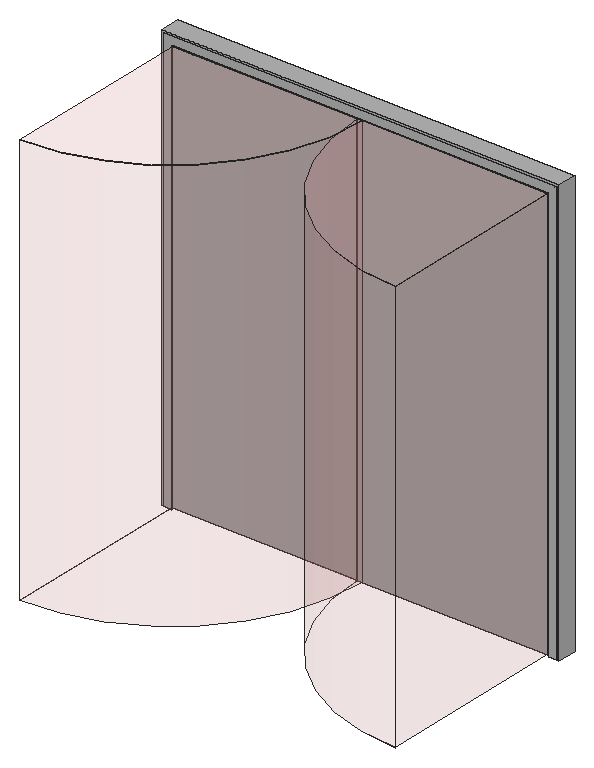
Revit family "ASSA ABLOY - ALPE PLUS Sp 60-2, double-leaf, block frame, HIDDEN HINGES", category Doors, host Wall, Revit 2021
Family settings
  Host = Wall
  OmniClass Number = 23.30.10.00
  OmniClass Title = Doors
  Always vertical = Yes
  Cut with Voids When Loaded = No
  Shared = No
  Room Calculation Point = No
Parameters (values of type "1800 x 2100 (1807 x 2108)")
  URL = "https://www.assaabloy.com/pl/pl"
  Type Comments = "Door leaf made of two pressed galvanised steel sheets 1,25mm thick, reinforced with steel profile. Filled with mineral wool glued to the sheets with polyurethane adhesive. Non-rebated door."
  Rough Width Real = Width Round + Rough Width Conversion + Rough Width Adjustment  # 2033.000 mm
  Rough Height Real = Height Round + Rough Height Conversion + Rough Height Adjustment  # 2182.000 mm
  Rough Width Conversion = 233.000 mm  # constant formula
  Rough Width Adjustment = 0.000 mm  # constant formula
  Rough Height Conversion = 82.000 mm  # constant formula
  Rough Height Adjustment = 0.000 mm  # constant formula
  Recess Value [instance] = 14.400 mm
  Passive Symbol Radius [instance] = Passive Leaf Width + 2.250 mm  # 974.750 mm
  Passive Leaf Width [instance] = Rough Width Real - Middle Line - 44.000 mm  # 972.500 mm
  Opening Zone [instance] = yes
  Model = "Doorset_Steel non-rebated door with concealed hinges_ASSA ABLOY Opening Solutions_Hardware 3D"
  Middle Line [instance] = Active Leaf Clear Passage Width + 129.250 mm  # 1016.500 mm
  HW Item 9 = "1x 206253: Vercy door stopper, max 120 kg_ASSA ABLOY (option) "
  HW Item 8 = "1x TL0151BS: round rosette PZPZ, stainless steel_ASSA ABLOY"
  Frame Finish [instance] = ""
  Fire Rating NFR (0) = [Fire Rating - Set Value (0-2)] = 0  # yes
  Fire Rating EI60 (2) = [Fire Rating - Set Value (0-2)] = 2  # no
  Fire Rating EI30 (1) = [Fire Rating - Set Value (0-2)] = 1  # no
  Fire Rating - Set Value (0-2) = 0
  Fire Rating = if([Fire Rating NFR (0)], "NFR", if([Fire Rating EI30 (1)], "EI30", if([Fire Rating EI60 (2)], "EI60", "0")))  # "NFR"
  Width Round = roundup((Width / 5.000 mm)) * 5.000 mm  # 1800.000 mm
  Thickness = 60.000 mm  # constant formula
  Smoke Rating = "Sa, S200 (optional)"
  Rough Width = Width Round + 7.000 mm + Rough Width Conversion + Rough Width Adjustment  # 2040.000 mm
  Rough Height = Height Round + 8.000 mm + Rough Height Conversion + Rough Height Adjustment  # 2190.000 mm
  Readme = "The actual lintel height is consistent with the Rough Height parameter.\nThe final HW Set should be consistent with the function of the door and its  parameters.\nHardware mounted on door surface may affect the clear passage opening. For verification, please contact the specification department."
  Provider = "ASSA ABLOY Opening Solutions"
  Product Group = "Double-Steel-Non rebated"
  Name = "Steel non-rebated door with concealed hinges"
  Min Door Width = 1025.000 mm
  Min Door Height = 1640.000 mm
  Mechanical Strength = 4
  Max Door Width = 2330.000 mm
  Max Door Height = 2400.000 mm
  Manufacturer = "ASSA ABLOY"  # constant formula
  IfcExportType = "USERDEFINED"
  IfcExportAs = "IfcDoorType"
  Height Round = roundup((Height / 5.000 mm)) * 5.000 mm  # 2100.000 mm
  Hardware Set = "1.20PL"
  HW Item 7 = "1x TL4106SS: U-shape handle set on round rosette, class 4 (EN1906), stainless steel_ASSA ABLOY"
  HW Item 6 = "1x SK6 Radius: euro profile cylinder_IKON"
  HW Item 5 = "1x N4572: central semi-automatic flush bolt _Corni (passive leaf )"
  HW Item 4 = "1x N1050: mechanical mortice lock_ASSA ABLOY"
  HW Item 3 = "2x A153: mechanical opening damper_ASSA ABLOY (option)"
  HW Item 2 = "1x G461: guide rail with integrated coordinator_ASSA ABLOY"
  HW Item 1 = "2x DC700/ DC500: door closer, Cam-Motion®_ASSA ABLOY"
  Function = Interior
  Height = 2100.000 mm
  Wall Closure = By host
  Width = 1800.000 mm
  Frame Type = "Welded steel block frame, made of galvanised sheet 1,8mm thick."
  Frame Material = Default steel
  Family name = "1.20_DOORSET_ALPE PLUS Sp 60-2_DOUBLE-LEAF_BLOCK FRAME_ASSA ABLOY PL"
  Environmental Product Declaration (EPD) = "To be confirmed with Provider"  # constant formula
  Environmental Management System = "To be confirmed with Provider"  # constant formula
  Edition number = "1"
  Door Type = "ALPE PLUS Sp 60-2"
  Door Material = Default steel
  Door Finish Push Side [instance] = ""
  Door Finish Pull Side [instance] = ""
  Description = "ALPE PLUS Sp 60-2, door leaf made of two pressed galvanised steel sheets 1,25mm thick, reinforced with steel profile. Filled with mineral wool glued to the sheets with polyurethane adhesive. Non-rebated door. Stainless steel concealed hinges TECTUS TE540 3D with 3D regulation. Mechanical durability – class C3 according to PN-EN 16034:2014. Mechanical strength – class 4 according to PN-EN 1192:2001. Welded steel block frame, made of galvanised sheet 1,8mm thick."
  Date of publishing = ""
  Contact Provider = "https://www.assaabloy.com/pl/pl/solutions/topics/bim-specification/contact"
  Brand = "ASSA ABLOY Mercor Doors Sp. z o. o."  # constant formula
  Author = "www.archispace.pl"
  Active Symbol Radius [instance] = Active Leaf Width + 2.250 mm  # 974.750 mm
  Active Leaf Width [instance] = Middle Line - 44.000 mm  # 972.500 mm
  Active Leaf Clear Passage Width = 887.250 mm
Types (4, lengths in mm): name | Rough Width Real | Rough Height Real | Passive Symbol Radius | Passive Leaf Width | Middle Line | Width Round | Rough Width | Rough Height | Height Round | Height | Width | Active Symbol Radius | Active Leaf Width | Active Leaf Clear Passage Width
  1025 x 1640 (1032 x 1648) | 1258.000 | 1722.000 | 587.250 | 585.000 | 629.000 | 1025.000 | 1265.000 | 1730.000 | 1640.000 | 1640.000 | 1025.000 | 587.250 | 585.000 | 499.750
  1300 x 2100 (1307 x 2108) | 1533.000 | 2182.000 | 724.750 | 722.500 | 766.500 | 1300.000 | 1540.000 | 2190.000 | 2100.000 | 2100.000 | 1300.000 | 724.750 | 722.500 | 637.250
  1800 x 2100 (1807 x 2108) | 2033.000 | 2182.000 | 974.750 | 972.500 | 1016.500 | 1800.000 | 2040.000 | 2190.000 | 2100.000 | 2100.000 | 1800.000 | 974.750 | 972.500 | 887.250
  2330 x 2400 (2337 x 2408) | 2563.000 | 2482.000 | 1239.750 | 1237.500 | 1281.500 | 2330.000 | 2570.000 | 2490.000 | 2400.000 | 2400.000 | 2330.000 | 1239.750 | 1237.500 | 1152.250
Reference planes
  plane 1: y = 0
  plane 2 "Center (Left/Right)": x = 0
  plane 3: z = 2182
  plane 4 "Exterior": y = 120
  plane 5 "Interior": y = -120
  plane 6: x = -1016.5
  plane 7: x = 1016.5
  plane 8: z = 2100
  plane 9: x = 0
  plane 10: z = 2125
  plane 11: x = 959.5
  plane 12: x = -959.5
  plane 13: x = 900.25
  plane 14: x = -900.25
  plane 15: x = -19
  plane 16: x = 19
  plane 17: z = 8
  plane 18: x = -1020
  plane 19: x = 1020
  plane 20: z = 2190
  plane 21: y = -108.1
  plane 22: y = -109
  plane 23: y = -105.6
  plane 24: x = 961.75
  plane 25: x = -961.75
  plane 26: y = -44
  plane 27: y = -33
  plane 28: y = -8.4
  plane 29: y = -5
  plane 30: x = -4.5
  plane 31: x = 4.5
Forms (mm)
  Sweep 1, solid, material "Default steel" <- "Frame Material"
    path origin (-489, -105.6, 1200) x (1, 0, 0) y (0, 0, 1)
      loop
        line (-527.5, -1200) -> (-527.5, 982) -> (1505.5, 982) -> (1505.5, -1200)
    profile origin (-1016.5, -105.6, 1091) x (-1, 0, 0) y (0, -1, 0)
      loop
        line (-82, -61.6) -> (-82, -100.6) -> (-10, -100.6) -> (-10, -97.2) -> (0, -97.2) -> (0, 0) -> (-10, 0) -> (-10, 3.4) -> (-52, 3.4) -> (-52, -61.6) -> (-61.5, -61.6) -> (-61.5, -72.6) -> (-76.5, -72.6) -> (-76.5, -61.6) -> (-82, -61.6)
  Sweep 2, solid, material "Default steel" <- "Door Material"
    path origin (-489, -105.6, 1200) x (1, 0, 0) y (0, 0, 1)
      loop
        line (489, -1192) -> (489, 925)
    profile origin (0, -105.6, 1066.5) x (-1, 0, 0) y (0, -1, 0)
      loop
        line (959.5, -59.1) -> (959.5, 2.9) -> (18, 2.9) -> (18, -12.296) -> (4.5, -12.296) -> (4.5, -57.5) -> (-10.5, -57.5) -> (-10.5, -47.504) -> (-13, -47.504) -> (-13, -59.1) -> (959.5, -59.1)
  Sweep 3, solid, material "Opening zone", visible <- "Opening Zone"
    path origin (-5600, 0, 0) x (-1, 0, 0) y (0, 0, 1)
      loop
        line (-5600, 8) -> (-5600, 2125)
    profile origin (0, 0, 1066.5) x (1, 0, 0) y (0, 1, 0)
      loop
        line (-961.75, -108.1) -> (-961.75, -1082.85)
        arc (-961.75, -1082.85) -> (-272.498, -797.352) -> (13, -108.1) r 974.75
        line (13, -108.1) -> (-961.75, -108.1)
  Sweep 4, solid, material "Default steel" <- "Door Material"
    path origin (-489, -105.6, 1200) x (1, 0, 0) y (0, 0, 1)
      loop
        line (489, -1192) -> (489, 925)
    profile origin (0, -105.6, 1066.5) x (-1, 0, 0) y (0, -1, 0)
      loop
        line (-959.5, -59.1) -> (-18, -59.1) -> (-18, -43.904) -> (-4.5, -43.904) -> (-4.5, 1.3) -> (10.5, 1.3) -> (10.5, -8.696) -> (13, -8.696) -> (13, 2.9) -> (-959.5, 2.9) -> (-959.5, -59.1)
  Sweep 5, solid, material "Opening zone", visible <- "Opening Zone"
    path origin (5600, 0, 0) x (1, 0, 0) y (0, 0, -1)
      loop
        line (-5600, -8) -> (-5600, -2125)
    profile origin (0, 0, 1066.5) x (1, 0, 0) y (0, 1, 0)
      loop
        line (961.75, -108.1) -> (-13, -108.1)
        arc (-13, -108.1) -> (272.498, -797.352) -> (961.75, -1082.85) r 974.75
        line (961.75, -1082.85) -> (961.75, -108.1)
  Sweep 6, void
    path origin (-489, -105.6, 1200) x (1, 0, 0) y (0, 0, 1)
      loop
        line (-470.5, -1192) -> (-470.5, 925) -> (484.5, 925)
    profile origin (-482, -105.6, 2125) x (0, 0, 1) y (0, -1, 0)
      loop
        line (0, -20.75) -> (-14, -20.75) -> (-14, -38.35) -> (0, -38.35) -> (0, -20.75)
  Sweep 7, solid, material "Default steel" <- "Door Material"
    path origin (-489, -105.6, 1200) x (1, 0, 0) y (0, 0, 1)
      loop
        line (-470.5, -1192) -> (-470.5, 925) -> (484.5, 925)
    profile origin (-482, -105.6, 2125) x (0, 0, 1) y (0, -1, 0)
      loop
        line (-4, -20.75) -> (-14, -20.75) -> (-14, -38.35) -> (-4, -38.35) -> (-4, -20.75)
  Sweep 8, solid, material "Default steel" <- "Door Material"
    path origin (-489, -105.6, 1200) x (1, 0, 0) y (0, 0, 1)
      loop
        line (493.5, 925) -> (1448.5, 925) -> (1448.5, -1192)
    profile origin (482, -105.6, 2125) x (0, 0, 1) y (0, -1, 0)
      loop
        line (-4, -20.75) -> (-14, -20.75) -> (-14, -38.35) -> (-4, -38.35) -> (-4, -20.75)
  Sweep 9, void
    path origin (-489, -105.6, 1200) x (1, 0, 0) y (0, 0, 1)
      loop
        line (493.5, 925) -> (1448.5, 925) -> (1448.5, -1192)
    profile origin (482, -105.6, 2125) x (0, 0, 1) y (0, -1, 0)
      loop
        line (0, -20.75) -> (-14, -20.75) -> (-14, -38.35) -> (0, -38.35) -> (0, -20.75)
Cuts and joins
  Sweep 6, Sweep 9 cuts Sweep 4
  Sweep 6 cuts Sweep 2
Lines and regions (mm)
  Opening 1
    outline origin (-5000, -120, 0) x (1, 0, 0) y (0, 0, 1)
      loop
        line (3980, 2190) -> (3980, 0) -> (6020, 0) -> (6020, 2190) -> (3980, 2190)
  Masking region 1, detail levels medium
    outline origin (-1132.682, -300, 2052) x (-1, 0, 0) y (0, -1, 0)
      loop
        line (-116.182, -295) -> (-116.182, -191) -> (-198.182, -191) -> (-198.182, -295) -> (-116.182, -295)
      loop
        line (-2149.182, -295) -> (-2067.182, -295) -> (-2067.182, -191) -> (-2149.182, -191) -> (-2149.182, -295)
  Masking region 2, detail levels fine
    outline origin (-1177.682, -289.4, 2052) x (-1, 0, 0) y (0, -1, 0)
      loop
        line (-243.182, -245.4) -> (-243.182, -284.4) -> (-171.182, -284.4) -> (-171.182, -281) -> (-161.182, -281) -> (-161.182, -183.8) -> (-171.182, -183.8) -> (-171.182, -180.4) -> (-213.182, -180.4) -> (-213.182, -245.4) -> (-222.682, -245.4) -> (-222.682, -256.4) -> (-237.682, -256.4) -> (-237.682, -245.4) -> (-243.182, -245.4)
      loop
        line (-2112.182, -245.4) -> (-2117.682, -245.4) -> (-2117.682, -256.4) -> (-2132.682, -256.4) -> (-2132.682, -245.4) -> (-2142.182, -245.4) -> (-2142.182, -180.4) -> (-2184.182, -180.4) -> (-2184.182, -183.8) -> (-2194.182, -183.8) -> (-2194.182, -281) -> (-2184.182, -281) -> (-2184.182, -284.4) -> (-2112.182, -284.4) -> (-2112.182, -245.4)
  symbolic lines, style "Elevation Swing"
    curve 1: line (-3, -120, 1091) -> (-959.5, -120, 2125)
    curve 2: line (-3, -120, 1091) -> (-959.5, -120, 8)
    curve 3: line (3, -120, 1091) -> (959.5, -120, 2125)
    curve 4: line (3, -120, 1091) -> (959.5, -120, 8)
Text (mm)
  text "Exterior" at (-1376.75, 1099.543, 0), in view "Ref. Level"
  text "Exterior" at (0, 1615.38, 3698.081), in view "Left"
  text "Exterior" at (0, 1036.032, 3874.932), in view "Right"
Dimensions and locks
  "Rough Height Real": plane 3 to host wall
  equal spacing: host wall, curve 2, plane 3
  host wall to plane 3 = 2182.000 mm
  locked: plane 4 "Exterior" to host wall
  locked: plane 5 "Interior" to host wall
  equal spacing: plane 6, plane 2 "Center (Left/Right)", plane 7
  "Rough Width Real": plane 6 to plane 7
  "Height": plane 8 to level
  locked: plane 6 to plane 12 at 57
  locked: plane 11 to plane 7 at 57
  locked: plane 3 to plane 10 at 57
  locked: plane 13 to plane 7 at 116.25
  locked: plane 6 to plane 14 at 116.25
  locked: plane 15 to plane 9 at 19
  locked: plane 9 to plane 16 at 19
  "Middle Line": plane 9 to plane 7
  equal spacing: plane 3, curve 4, level
  locked: plane 17 to level at 8
  equal spacing: plane 18, plane 2 "Center (Left/Right)", plane 19
  "Rough Width": plane 18 to plane 19
  "Rough Height": plane 20 to level
  locked: plane 24 to plane 7 at 54.75
  locked: plane 6 to plane 25 at 54.75
  locked: plane 22 to plane 23 at 3.4
  "Recess Value": plane 5 "Interior" to plane 23
  locked: plane 6 to Masking region 2 sketch curve at 10  (x2)
  locked: plane 6 to Masking region 2 sketch curve at 52
  locked: plane 6 to Masking region 2 sketch curve at 61.5
  locked: plane 6 to Masking region 2 sketch curve at 76.5
  locked: Masking region 2 sketch curve to plane 7 at 10  (x2)
  locked: Masking region 2 sketch curve to plane 7 at 52
  locked: Masking region 2 sketch curve to plane 7 at 61.5
  locked: Masking region 2 sketch curve to plane 7 at 76.5
  locked: plane 6 to Sweep 1 sketch curve at 10  (x2)
  locked: plane 6 to Sweep 1 sketch curve at 52
  locked: plane 6 to Sweep 1 sketch curve at 61.5
  locked: plane 6 to Sweep 1 sketch curve at 76.5
  locked: plane 6 to Masking region 2 sketch curve at 82
  locked: Masking region 2 sketch curve to plane 7 at 82
  locked: plane 6 to Masking region 1 sketch curve at 82
  locked: Masking region 1 sketch curve to plane 7 at 82
  locked: plane 6 to Sweep 1 sketch curve at 82
  locked: Sweep 2 sketch curve to plane 9 at 4.5
  locked: Sweep 2 sketch curve to plane 9 at 18
  locked: plane 9 to Sweep 2 sketch curve at 10.5
  locked: plane 9 to Sweep 2 sketch curve at 13
  locked: plane 9 to Sweep 4 sketch curve at 4.5
  locked: plane 9 to Sweep 4 sketch curve at 18
  locked: Sweep 4 sketch curve to plane 9 at 10.5
  locked: Sweep 4 sketch curve to plane 9 at 13
  locked: plane 21 to plane 23 at 2.5
  locked: plane 10 to Sweep 7 sketch curve at 14
  locked: plane 10 to Sweep 7 sketch curve at 4
  locked: Sweep 6 sketch curve to profile plane at 14
  locked: plane 30 to plane 9 at 4.5
  locked: plane 9 to plane 31 at 4.5
  locked: plane 10 to Sweep 8 sketch curve at 4
  locked: Sweep 8 sketch curve to profile plane at 14
  locked: Sweep 9 sketch curve to profile plane at 14
  locked: plane 23 to plane 26 at 61.6
  locked: plane 27 to plane 26 at 11
  locked: plane 28 to plane 27 at 24.6
  locked: plane 29 to plane 28 at 3.4
  "Active Symbol Radius": radius of Sweep 5 sketch curve
  "Passive Symbol Radius": radius of Sweep 3 sketch curve
  aligned and locked: plane 1 to host wall
  aligned and locked: level to Sweep 1 sketch curve  (x2)
  aligned and locked: Sweep 1 sketch curve to plane 6  (x2)
  aligned and locked: plane 7 to Sweep 1 sketch curve
  aligned and locked: plane 2 "Center (Left/Right)" to Sweep 2 sketch curve
  aligned and locked: nested 1 to plane 2 "Center (Left/Right)"
  aligned and locked: plane 3 to Sweep 1 sketch curve
  aligned and locked: plane 10 to Sweep 2 sketch curve
  aligned and locked: Sweep 2 sketch curve to plane 12
  aligned and locked: Sweep 4 sketch curve to plane 9
  aligned and locked: plane 10 to Sweep 4 sketch curve
  aligned and locked: plane 11 to Sweep 4 sketch curve
  aligned and locked: plane 2 "Center (Left/Right)" to Sweep 5 sketch curve
  aligned and locked: level to Opening 1 sketch curve
  aligned and locked: Opening 1 sketch curve to plane 20
  aligned and locked: plane 17 to Sweep 2 sketch curve
  aligned and locked: plane 17 to Sweep 4 sketch curve
  aligned and locked: plane 22 to Masking region 1 sketch curve  (x2)
  aligned and locked: Masking region 1 sketch curve to plane 6
  aligned and locked: Masking region 1 sketch curve to plane 7
  aligned and locked: plane 22 to Sweep 1 sketch curve
  aligned and locked: Sweep 1 sketch curve to plane 23
  aligned and locked: plane 24 to Sweep 5 sketch curve
  aligned and locked: Sweep 5 sketch curve to plane 21
  aligned and locked: Sweep 3 sketch curve to plane 25
  aligned and locked: Sweep 3 sketch curve to plane 21
  aligned and locked: plane 2 "Center (Left/Right)" to Sweep 3 sketch curve
  aligned and locked: nested 1 to plane 23
  aligned and locked: plane 22 to Masking region 2 sketch curve  (x2)
  aligned and locked: plane 29 to Masking region 2 sketch curve  (x2)
  aligned and locked: plane 28 to Masking region 2 sketch curve  (x2)
  aligned and locked: Masking region 2 sketch curve to plane 27  (x2)
  aligned and locked: plane 26 to Masking region 2 sketch curve  (x4)
  aligned and locked: Masking region 2 sketch curve to plane 23  (x2)
  aligned and locked: Masking region 2 sketch curve to plane 6
  aligned and locked: Masking region 2 sketch curve to plane 7
  aligned and locked: Masking region 1 sketch curve to plane 29  (x2)
  aligned and locked: plane 28 to Sweep 1 sketch curve
  aligned and locked: plane 29 to Sweep 1 sketch curve
  aligned and locked: plane 26 to Sweep 1 sketch curve
  aligned and locked: plane 27 to Sweep 1 sketch curve
  aligned and locked: Sweep 1 sketch curve to plane 26
  aligned and locked: Sweep 6 sketch curve to plane 10
  aligned and locked: plane 17 to Sweep 6 sketch curve
  aligned and locked: plane 12 to Sweep 6 sketch curve
  aligned and locked: plane 12 to Sweep 7 sketch curve
  aligned and locked: Sweep 7 sketch curve to plane 10
  aligned and locked: plane 17 to Sweep 7 sketch curve
  aligned and locked: profile plane to Sweep 6 sketch curve
  aligned and locked: Sweep 8 sketch curve to plane 10
  aligned and locked: Sweep 8 sketch curve to plane 11
  aligned and locked: plane 17 to Sweep 8 sketch curve
  aligned and locked: plane 31 to Sweep 8 sketch curve
  aligned and locked: plane 30 to Sweep 7 sketch curve
  aligned and locked: plane 30 to Sweep 6 sketch curve
  aligned and locked: plane 31 to Sweep 9 sketch curve
  aligned and locked: Sweep 9 sketch curve to plane 10
  aligned and locked: Sweep 9 sketch curve to plane 11
  aligned and locked: plane 17 to Sweep 9 sketch curve
  aligned and locked: profile plane to Sweep 9 sketch curve
  aligned and locked: Opening 1 sketch curve to plane 19
  aligned and locked: Opening 1 sketch curve to plane 18
  aligned and locked: plane 10 to curve 1
  aligned and locked: plane 12 to curve 1
  aligned and locked: plane 12 to curve 2
  aligned and locked: plane 17 to curve 2
  aligned and locked: plane 11 to curve 4
  aligned and locked: plane 17 to curve 4
  aligned and locked: plane 11 to curve 3
  aligned and locked: plane 10 to curve 3
  aligned and locked: plane 10 to Sweep 3 sketch curve
  aligned and locked: plane 10 to Sweep 5 sketch curve
  aligned and locked: plane 17 to Sweep 5 sketch curve
  aligned and locked: plane 17 to Sweep 3 sketch curve
Automatic sketch dimensions
  Sweep 2 sketch curve to profile plane = 59.100 mm
  Sweep 2 sketch curve to Sweep 2 sketch curve = 1.600 mm
  Sweep 2 sketch curve to Sweep 2 sketch curve = 9.996 mm
  Sweep 2 sketch curve to profile plane = 12.296 mm
  profile plane to Sweep 2 sketch curve = 2.900 mm
  Sweep 4 sketch curve to profile plane = 59.100 mm
  Sweep 4 sketch curve to Sweep 4 sketch curve = 15.196 mm
  Sweep 4 sketch curve to profile plane = 8.696 mm
  profile plane to Sweep 4 sketch curve = 1.300 mm
  profile plane to Sweep 4 sketch curve = 2.900 mm
  Sweep 6 sketch curve to plane 23 = 38.350 mm
  Sweep 6 sketch curve to Sweep 6 sketch curve = 17.600 mm
  Sweep 7 sketch curve to plane 23 = 38.350 mm
  Sweep 7 sketch curve to Sweep 7 sketch curve = 17.600 mm
  Sweep 8 sketch curve to plane 23 = 38.350 mm
  Sweep 8 sketch curve to Sweep 8 sketch curve = 17.600 mm
  Sweep 9 sketch curve to plane 23 = 38.350 mm
  Sweep 9 sketch curve to Sweep 9 sketch curve = 17.600 mm
  curve 2 to plane 30 = 1.500 mm
  plane 31 to curve 3 = 1.500 mm
Nested families
  nested 1: "Detail_Door symbol" at (0, -105.6, 2037), type "Detail_Door symbol"
Definition of nested family "Detail_Door symbol"
  Parameters (values of type "Detail_Door symbol")
    Rough Width = 1533.000 mm
    Passive Symbol Radius = 656.500 mm
    Passive Leaf Width = 668.150 mm
    Middle Post = 839.000 mm
    Active Symbol Radius = 801.500 mm
    Active Leaf Width = 813.150 mm
  Reference planes
    plane 1 "Center (Front/Back)": y = 0
    plane 2: z = 0
    plane 3 "Center (Left/Right)": x = 0
    plane 4: x = -766.5
    plane 5: y = -2.5
    plane 6: y = -4.75
    plane 7: y = -672.9
    plane 8: x = 766.5
    plane 9: y = -2.5
    plane 10: y = -4.75
    plane 11: y = -817.9
    plane 12: x = -712.25
    plane 13: x = -650.25
    plane 14: x = 712.25
    plane 15: x = 711.75
    plane 16: x = 650.25
    plane 17: x = -711.75
    plane 18: y = -670.4
    plane 19: y = -655.4
    plane 20: y = -641.9
    plane 21: y = -800.4
    plane 22: y = -815.4
    plane 23: y = -786.9
  Lines and regions (mm)
    Filled region 1, type "Solid Fill - White", in view "Ref. Level", detail levels fine
      outline origin (88.5, 43.059, 0) x (1, 0, 0) y (0, 1, 0)
        loop
          line (-800.75, -47.809) -> (-800.75, -684.959) -> (-785.554, -684.959) -> (-785.554, -698.459) -> (-740.35, -698.459) -> (-740.35, -713.459) -> (-750.346, -713.459) -> (-750.346, -715.959) -> (-738.75, -715.959) -> (-738.75, -47.809) -> (-759.5, -47.809) -> (-759.5, -61.809) -> (-780, -61.809) -> (-780, -47.809) -> (-800.75, -47.809)
    Filled region 2, type "Solid Fill - White", in view "Ref. Level", detail levels medium
      outline origin (-211.5, 43.059, 0) x (1, 0, 0) y (0, 1, 0)
        loop
          line (-500.75, -47.809) -> (-500.75, -715.959) -> (-438.75, -715.959) -> (-438.75, -47.809) -> (-500.75, -47.809)
    Filled region 3, type "Solid Fill - White", in view "Ref. Level", detail levels fine
      outline origin (-78.5, 43.059, 0) x (0, 1, 0) y (-1, 0, 0)
        loop
          line (-47.809, -790.75) -> (-47.809, -770) -> (-61.809, -770) -> (-61.809, -749.5) -> (-47.809, -749.5) -> (-47.809, -728.75) -> (-829.959, -728.75) -> (-829.959, -743.946) -> (-843.459, -743.946) -> (-843.459, -789.15) -> (-858.459, -789.15) -> (-858.459, -779.154) -> (-860.959, -779.154) -> (-860.959, -790.75) -> (-47.809, -790.75)
    Filled region 4, type "Solid Fill - White", in view "Ref. Level", detail levels medium
      outline origin (221.5, 43.059, 0) x (0, 1, 0) y (-1, 0, 0)
        loop
          line (-47.809, -490.75) -> (-47.809, -428.75) -> (-860.959, -428.75) -> (-860.959, -490.75) -> (-47.809, -490.75)
    Filled region 5, type "Solid Fill - White", in view "Ref. Level", detail levels fine
      outline origin (88.5, 43.059, 0) x (1, 0, 0) y (0, 1, 0)
        loop
          line (-780, -51.809) -> (-780, -61.809) -> (-759.5, -61.809) -> (-759.5, -51.809) -> (-780, -51.809)
    Filled region 6, type "Solid Fill - White", in view "Ref. Level", detail levels fine
      outline origin (-88.5, 43.059, 0) x (0, 1, 0) y (-1, 0, 0)
        loop
          line (-51.809, -780) -> (-51.809, -759.5) -> (-61.809, -759.5) -> (-61.809, -780) -> (-51.809, -780)
    detail lines, in view "Ref. Level"
      curve 1: arc (-711.75, -659, 0) -> (-247.534, -466.716, 0) -> (-55.25, -2.5, 0) r 656.5
      curve 3: arc (711.75, -804, 0) -> (145.004, -569.246, 0) -> (-89.75, -2.5, 0) r 801.5
    detail lines, in view "Ref. Level", detail levels coarse
      curve 2: line (-711.75, -659, 0) -> (-711.75, -2.5, 0)
      curve 4: line (711.75, -804, 0) -> (711.75, -2.5, 0)
  Dimensions and locks
    "Passive Leaf Width": plane 7 to plane 6
    locked: plane 1 "Center (Front/Back)" to plane 5 at 2.5
    locked: plane 1 "Center (Front/Back)" to plane 6 at 4.75
    "Rough Width": plane 4 to plane 8
    equal spacing: plane 4, plane 3 "Center (Left/Right)", plane 8
    "Active Leaf Width": plane 11 to plane 10
    locked: plane 1 "Center (Front/Back)" to plane 9 at 2.5
    locked: plane 1 "Center (Front/Back)" to plane 10 at 4.75
    locked: plane 4 to plane 12 at 54.25
    locked: plane 8 to plane 14 at 54.25
    locked: plane 4 to plane 17 at 54.75
    locked: plane 12 to plane 13 at 62
    locked: plane 15 to plane 8 at 54.75
    locked: plane 16 to plane 14 at 62
    locked: plane 7 to plane 18 at 2.5
    locked: plane 19 to plane 18 at 15
    locked: plane 20 to plane 19 at 13.5
    locked: plane 11 to plane 22 at 2.5
    locked: plane 21 to plane 22 at 15
    locked: plane 23 to plane 21 at 13.5
    "Passive Symbol Radius": radius of curve 1
    "Active Symbol Radius": radius of curve 3
    aligned and locked: plane 5 to curve 1
    aligned and locked: Filled region 1 sketch curve to plane 6
    aligned and locked: Filled region 2 sketch curve to plane 6
    aligned and locked: Filled region 2 sketch curve to plane 7
    aligned and locked: curve 3 to plane 9
    aligned and locked: Filled region 3 sketch curve to plane 10
    aligned and locked: plane 10 to Filled region 4 sketch curve
    aligned and locked: plane 11 to Filled region 4 sketch curve
    aligned and locked: plane 9 to curve 4
    aligned and locked: Filled region 2 sketch curve to plane 12
    aligned and locked: Filled region 2 sketch curve to plane 13
    aligned and locked: Filled region 1 sketch curve to plane 12
    aligned and locked: Filled region 1 sketch curve to plane 13
    aligned and locked: plane 14 to Filled region 3 sketch curve
    aligned and locked: plane 16 to Filled region 3 sketch curve
    aligned and locked: plane 14 to Filled region 4 sketch curve
    aligned and locked: plane 16 to Filled region 4 sketch curve
    aligned and locked: plane 15 to curve 3
    aligned and locked: plane 17 to curve 1
    aligned and locked: Filled region 1 sketch curve to plane 20
    aligned and locked: Filled region 1 sketch curve to plane 19
    aligned and locked: plane 18 to Filled region 1 sketch curve
    aligned and locked: Filled region 3 sketch curve to plane 11
    aligned and locked: Filled region 3 sketch curve to plane 23
    aligned and locked: Filled region 3 sketch curve to plane 21
    aligned and locked: plane 22 to Filled region 3 sketch curve
    aligned and locked: curve 4 to plane 15
  Automatic sketch dimensions
    Filled region 1 sketch curve to plane 6 = 0.000 mm
    plane 7 to Filled region 1 sketch curve = 0.000 mm
    Filled region 1 sketch curve to Filled region 1 sketch curve = 15.196 mm
    Filled region 1 sketch curve to Filled region 1 sketch curve = 20.750 mm
    Filled region 1 sketch curve to Filled region 1 sketch curve = 20.500 mm
    Filled region 1 sketch curve to plane 13 = 11.596 mm
    Filled region 1 sketch curve to plane 13 = 1.600 mm
    Filled region 1 sketch curve to Filled region 1 sketch curve = 14.000 mm
    plane 6 to Filled region 3 sketch curve = 0.000 mm
    Filled region 3 sketch curve to plane 6 = 14.000 mm
    plane 14 to Filled region 3 sketch curve = 1.600 mm
    Filled region 3 sketch curve to Filled region 3 sketch curve = 9.996 mm
    Filled region 3 sketch curve to Filled region 3 sketch curve = 20.750 mm
    Filled region 3 sketch curve to Filled region 3 sketch curve = 20.500 mm
    Filled region 3 sketch curve to plane 16 = 15.196 mm
    plane 12 to Filled region 5 sketch curve = 20.750 mm
    Filled region 5 sketch curve to Filled region 5 sketch curve = 20.500 mm
    Filled region 5 sketch curve to plane 6 = 14.000 mm
    Filled region 5 sketch curve to plane 6 = 4.000 mm
    Filled region 6 sketch curve to plane 6 = 14.000 mm
    Filled region 6 sketch curve to plane 6 = 4.000 mm
    plane 14 to Filled region 6 sketch curve = 20.750 mm
    Filled region 6 sketch curve to Filled region 6 sketch curve = 20.500 mm
    curve 2 to plane 5 = 0.000 mm
    plane 5 to curve 4 = 0.000 mm
